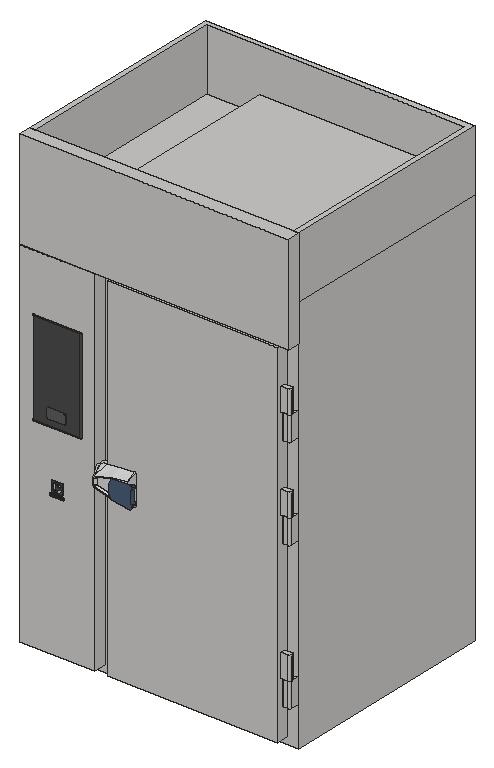
Revit family "QF_ELECTROLUXPROFESSIONAL_727750_EBFA22E", category Specialty Equipment, Revit 2018
Family settings
  Round Connector Dimension = Use Diameter
  Part Type = Normal
  Work Plane-Based = No
  Always vertical = Yes
  Cut with Voids When Loaded = No
  Shared = Yes
  Room Calculation Point = No
Parameters
  Weight = 0.00 kg
  Watts = 0 W
  Volts = 380 V
  URL Manufacturer = "http://professional.electrolux.com"
  URL = "http://professional.electrolux.com"
  Steam Supply Size = 0"
  Steam Supply Minimum Pressure = 0.00 psi
  Steam Supply Maximum Pressure = 0.00 psi
  Steam Pounds per Hour = 0
  Show Logo [instance] = yes
  Refrigeration Suction Line Size = 0"
  Refrigeration Liquid Line Size = 0"
  Refrigerant Compressor Remote = yes
  Phase = 3
  Model = "EBFA22E"
  Manufacturer = "Electrolux"
  Length Actual = 1400 mm  # constant formula
  Item Number = "727750"
  Hot Water Size = 1"
  Height Actual = 2470 mm  # constant formula
  HP = "14.9 HP"
  Gas Size = 0"
  Gas KW = 0
  Gas Input Pressure = 0.0 Btu/h
  Direct Waste Size = 3/4"
  Description = "SKYLINE CHILLS BLAST CHILLER FREEZER 200/170KG 20 GN 2/1 - ROLL-IN"
  Depth Actual = 1266 mm  # constant formula
  Cycle = 50 Hz
  Condensate Return Size = 0"
  Compressed Air Volume = 0 GPM
  Compressed Air Size = 0"
  Compressed Air Pressure = 0.00 psi
  Cold Water Size = 1"
  Assembly Code = ""
  Show Clearance [instance] = yes
  Accessory = yes
Reference planes
  plane 1 "BACK": y = 1
  plane 2: z = 0
  plane 3 "LEFT": x = 0
  plane 4 "RIGHT": x = 1400
  plane 5 "FRONT": y = -1205
  plane 6 "TOP": z = 2400
  plane 7 "Center Y": x = 700
  plane 8: y = -2155
  plane 9: y = -602
Forms (mm)
  Extrusion 1, solid, material "QF_Clearance", visible <- "Show Clearance", detail levels coarse
    sketch origin (0, 0, -70) x (1, 0, 0) y (0, 1, 0)
      loop
        line (0, -1205) -> (0, 1) -> (1400, 1) -> (1400, -1205) -> (1500, -1205) -> (1500, 101) -> (-100, 101) -> (-100, -1205) -> (0, -1205)
    from 70 to 2670
  Extrusion 2, solid, material "QF_Finishes_Stainless Steel"
    sketch origin (349.253, 33, 630.991) x (-1, 0, 0) y (0, -1, 0)
      loop
        line (349.253, 1172.759) -> (349.253, 1238) -> (-39.747, 1238) -> (-39.747, 1172.759) -> (349.253, 1172.759)
    from -597 to 1254
  Extrusion 3, solid, material "QF_Finishes_Stainless Steel"
    sketch origin (596.16, 27.971, -70) x (1, 0, 0) y (0, 1, 0)
      loop
        line (743.84, -1172.971) -> (-141.16, -1172.971) -> (-141.16, -1232.971) -> (743.84, -1232.971) -> (743.84, -1172.971)
    from 103.991 to 1945.25
  Extrusion 4, solid, material "QF_Door-Drawer Clearances", visible <- "Show Clearance", detail levels coarse
    sketch origin (875, -72.029, -91.802) x (-1, 0, 0) y (0, -1, 0)
      loop
        line (-465, 2025.971) -> (-465, 1132.971) -> (420, 1132.971)
        arc (420, 1132.971) -> (153.836, 1754.227) -> (-465, 2025.971) r 920
    from 125.793 to 1967.052
  Extrusion 5, solid, material "QF_Finishes_Stainless Steel"
    sketch origin (0, -1139.759, 0) x (0, 1, 0) y (-1, 0, 0)
      loop
        line (1140.759, 0) -> (0.759, 0) -> (0.759, -1400) -> (1140.759, -1400) -> (1140.759, 0)
    from 0 to 2080
  Extrusion 6, solid, material "QF_Finishes_Stainless Steel"
    sketch origin (0, 0, -70) x (0, 1, 0) y (0, 0, 1)
      loop
        line (-1139, 2470) -> (-1205, 2470) -> (-1205, 1956) -> (-1139, 1956) -> (-1139, 2470)
    from 0 to 1400
  Extrusion 7, solid, material "QF_Finishes_Stainless Steel"
    sketch origin (0, -1139.759, 2080) x (0, 1, 0) y (-1, 0, 0)
      loop
        line (1140.759, 0) -> (0.759, 0) -> (0.759, -27.807) -> (1112.952, -27.807) -> (1112.952, -1372.193) -> (0.759, -1372.193) -> (0.759, -1400) -> (1140.759, -1400) -> (1140.759, 0)
    from 0 to 320
  Extrusion 8, solid, material "QF_Clearance", visible <- "Show Clearance", detail levels coarse
    sketch origin (0, 0, 2400) x (-1, 0, 0) y (0, -1, 0)
      loop
        line (0, 1205) -> (-1400, 1205) -> (-1400, -1) -> (0, -1) -> (0, 1205)
    from 0 to 200
  Extrusion 9, solid, material "QF_Finishes_Stainless Steel"
    sketch origin (-390.239, -0.977, 1172.559) x (1, 0, 0) y (0, 1, 0)
      loop
        line (1730.239, -1159.557) -> (1730.239, -1186.759) -> (1771.078, -1186.759)
        arc (1771.078, -1186.759) -> (1778.149, -1183.83) -> (1781.078, -1176.759) r 10
        line (1781.078, -1176.759) -> (1781.078, -1169.557)
        arc (1781.078, -1169.557) -> (1778.149, -1162.486) -> (1771.078, -1159.557) r 10
        line (1771.078, -1159.557) -> (1730.239, -1159.557)
    from 398 to 516
  Extrusion 10, solid, material "QF_Finishes_Stainless Steel"
    sketch origin (-388.989, -0.977, 1172.559) x (1, 0, 0) y (0, 1, 0)
      loop
        line (1779.828, -1138.023) -> (1738.215, -1138.023) -> (1738.215, -1176.759)
        arc (1738.215, -1176.759) -> (1741.143, -1183.83) -> (1748.215, -1186.759) r 10
        line (1748.215, -1186.759) -> (1769.828, -1186.759)
        arc (1769.828, -1186.759) -> (1776.899, -1183.83) -> (1779.828, -1176.759) r 10
        line (1779.828, -1176.759) -> (1779.828, -1138.023)
    from 269 to 396
  Extrusion 11, solid, material "QF_Finishes_Handrails and Railings"
    sketch origin (0, -1205, -139.705) x (-1, 0, 0) y (0, 0, 1)
      loop
        arc (-455, 1022.346) -> (-433.392, 1027.289) -> (-413, 1035.976) r 124.815
        arc (-413, 1035.976) -> (-402.037, 1046.425) -> (-398, 1061.023) r 28.412
        line (-398, 1061.023) -> (-398, 1124.287)
        arc (-398, 1124.287) -> (-402.037, 1138.885) -> (-413, 1149.334) r 28.412
        arc (-413, 1149.334) -> (-433.392, 1158.021) -> (-455, 1162.964) r 124.815
        line (-455, 1162.964) -> (-455, 1022.346)
    from 0 to 25
  Extrusion 12, solid, material "QF_Finishes_Stainless Steel"
    sketch origin (0, 1, -70) x (1, 0, 0) y (0, 0, 1)
      loop
        circle (50.191, 2279.706) r 10
    from -2 to 0
  Extrusion 13, solid
    sketch origin (0, 0, -70) x (1, 0, 0) y (0, 1, 0)
      loop
        circle (271, -895) r 12.7
    from 180 to 190
  Blend 14, solid, material "QF_Finishes_Handrails and Railings"
    base sketch origin (0, -1205, -139.705) x (1, 0, 0) y (0, 0, 1)
      loop
        arc (455, 1162.964) -> (433.392, 1158.021) -> (413, 1149.334) r 124.815
        arc (413, 1149.334) -> (402.037, 1138.885) -> (398, 1124.287) r 28.412
        line (398, 1124.287) -> (398, 1061.023)
        arc (398, 1061.023) -> (402.037, 1046.425) -> (413, 1035.976) r 28.412
        arc (413, 1035.976) -> (433.392, 1027.289) -> (455, 1022.346) r 124.815
        arc (455, 1022.346) -> (524.77, 1014.896) -> (594.859, 1011.587) r 1185.63
        arc (594.859, 1011.587) -> (600.607, 1013.879) -> (603, 1019.586) r 8
        line (603, 1019.586) -> (603, 1165.724)
        arc (603, 1165.724) -> (600.607, 1171.431) -> (594.859, 1173.723) r 8
        arc (594.859, 1173.723) -> (524.77, 1170.414) -> (455, 1162.964) r 1185.63
    top sketch origin (0, -1205, -139.705) x (1, 0, 0) y (0, 0, 1)
      loop
        line (421, 1108.337) -> (421, 1076.973)
        arc (421, 1076.973) -> (423.295, 1069.915) -> (429.302, 1065.557) r 12
        arc (429.302, 1065.557) -> (515.086, 1044.22) -> (603, 1034.974) r 636.459
        line (603, 1034.974) -> (603, 1150.336)
        arc (603, 1150.336) -> (515.086, 1141.09) -> (429.302, 1119.753) r 636.459
        arc (429.302, 1119.753) -> (423.295, 1115.395) -> (421, 1108.337) r 12
    from 0 to 50
  Blend 15, void
    base sketch origin (0, -1255, -139.705) x (-1, 0, 0) y (0, 0, 1)
      loop
        arc (-430.843, 1114.996) -> (-515.866, 1136.151) -> (-603, 1145.333) r 631.459
        line (-603, 1145.333) -> (-603, 1039.977)
        arc (-603, 1039.977) -> (-515.866, 1049.159) -> (-430.843, 1070.314) r 631.459
        arc (-430.843, 1070.314) -> (-427.339, 1072.856) -> (-426, 1076.973) r 7
        line (-426, 1076.973) -> (-426, 1108.337)
        arc (-426, 1108.337) -> (-427.339, 1112.454) -> (-430.843, 1114.996) r 7
    top sketch origin (0, -1255, -139.705) x (-1, 0, 0) y (0, 0, 1)
      loop
        arc (-432.384, 1110.24) -> (-516.647, 1131.211) -> (-603, 1140.33) r 626.459
        line (-603, 1140.33) -> (-603, 1044.98)
        arc (-603, 1044.98) -> (-516.647, 1054.099) -> (-432.384, 1075.07) r 626.459
        arc (-432.384, 1075.07) -> (-431.382, 1075.797) -> (-431, 1076.973) r 2
        line (-431, 1076.973) -> (-431, 1108.337)
        arc (-431, 1108.337) -> (-431.382, 1109.513) -> (-432.384, 1110.24) r 2
    from 0 to 10
  Blend 16, solid, material "QF_Finishes_Electrolux_Blue"
    base sketch origin (0, -1245, -139.705) x (1, 0, 0) y (0, 0, 1)
      loop
        arc (628.567, 1043.419) -> (622.014, 1092.655) -> (628.567, 1141.89) r 188.232
        arc (628.567, 1141.89) -> (627.358, 1147.991) -> (621.77, 1150.721) r 7
        arc (621.77, 1150.721) -> (572.304, 1148.509) -> (523.16, 1142.458) r 636.459
        arc (523.16, 1142.458) -> (507.711, 1092.655) -> (523.16, 1042.852) r 88
        arc (523.16, 1042.852) -> (572.304, 1036.801) -> (621.77, 1034.589) r 636.459
        arc (621.77, 1034.589) -> (627.358, 1037.319) -> (628.567, 1043.419) r 7
    top sketch origin (0, -1245, -139.705) x (1, 0, 0) y (0, 0, 1)
      loop
        arc (626.748, 1050.703) -> (622.014, 1092.655) -> (626.748, 1134.607) r 188.232
        arc (626.748, 1134.607) -> (625.775, 1138.85) -> (621.845, 1140.722) r 5
        arc (621.845, 1140.722) -> (569.023, 1138.185) -> (516.603, 1131.203) r 626.459
        arc (516.603, 1131.203) -> (507.711, 1092.655) -> (516.603, 1054.107) r 88
        arc (516.603, 1054.107) -> (569.023, 1047.124) -> (621.845, 1044.588) r 626.459
        arc (621.845, 1044.588) -> (625.775, 1046.46) -> (626.748, 1050.703) r 5
    from 20 to 0
  Extrusion 17, solid, material "QF_Finishes_Stainless Steel"
    sketch origin (-390.239, -0.977, 692.559) x (1, 0, 0) y (0, 1, 0)
      loop
        line (1730.239, -1159.557) -> (1730.239, -1186.759) -> (1771.078, -1186.759)
        arc (1771.078, -1186.759) -> (1778.149, -1183.83) -> (1781.078, -1176.759) r 10
        line (1781.078, -1176.759) -> (1781.078, -1169.557)
        arc (1781.078, -1169.557) -> (1778.149, -1162.486) -> (1771.078, -1159.557) r 10
        line (1771.078, -1159.557) -> (1730.239, -1159.557)
    from 398 to 516
  Extrusion 18, solid, material "QF_Finishes_Stainless Steel"
    sketch origin (-388.989, -0.977, 692.559) x (1, 0, 0) y (0, 1, 0)
      loop
        line (1779.828, -1138.023) -> (1738.215, -1138.023) -> (1738.215, -1176.759)
        arc (1738.215, -1176.759) -> (1741.143, -1183.83) -> (1748.215, -1186.759) r 10
        line (1748.215, -1186.759) -> (1769.828, -1186.759)
        arc (1769.828, -1186.759) -> (1776.899, -1183.83) -> (1779.828, -1176.759) r 10
        line (1779.828, -1176.759) -> (1779.828, -1138.023)
    from 269 to 396
  Extrusion 19, solid, material "QF_Finishes_Stainless Steel"
    sketch origin (-390.239, -0.977, -67.441) x (1, 0, 0) y (0, 1, 0)
      loop
        line (1730.239, -1159.557) -> (1730.239, -1186.759) -> (1771.078, -1186.759)
        arc (1771.078, -1186.759) -> (1778.149, -1183.83) -> (1781.078, -1176.759) r 10
        line (1781.078, -1176.759) -> (1781.078, -1169.557)
        arc (1781.078, -1169.557) -> (1778.149, -1162.486) -> (1771.078, -1159.557) r 10
        line (1771.078, -1159.557) -> (1730.239, -1159.557)
    from 398 to 516
  Extrusion 20, solid, material "QF_Finishes_Stainless Steel"
    sketch origin (-388.989, -0.977, -67.441) x (1, 0, 0) y (0, 1, 0)
      loop
        line (1779.828, -1138.023) -> (1738.215, -1138.023) -> (1738.215, -1176.759)
        arc (1738.215, -1176.759) -> (1741.143, -1183.83) -> (1748.215, -1186.759) r 10
        line (1748.215, -1186.759) -> (1769.828, -1186.759)
        arc (1769.828, -1186.759) -> (1776.899, -1183.83) -> (1779.828, -1176.759) r 10
        line (1779.828, -1176.759) -> (1779.828, -1138.023)
    from 269 to 396
  Extrusion 21, solid, material "QF_Door-Drawer Clearances", visible <- "Show Clearance", detail levels coarse
    sketch origin (167.029, -1956.84, -70) x (0, 1, 0) y (-1, 0, 0)
      loop
        line (751.84, -1172.971) -> (-141.16, -1172.971) -> (-141.16, -1232.971) -> (751.84, -1232.971) -> (751.84, -1172.971)
    from 103.991 to 1945.25
  Extrusion 22, solid, material "QF_Door-Drawer Clearances", visible <- "Show Clearance", detail levels coarse
    sketch origin (1400, -2553, -139.705) x (0, -1, 0) y (0, 0, 1)
      loop
        arc (-455, 1022.346) -> (-433.392, 1027.289) -> (-413, 1035.976) r 124.815
        arc (-413, 1035.976) -> (-402.037, 1046.425) -> (-398, 1061.023) r 28.412
        line (-398, 1061.023) -> (-398, 1124.287)
        arc (-398, 1124.287) -> (-402.037, 1138.885) -> (-413, 1149.334) r 28.412
        arc (-413, 1149.334) -> (-433.392, 1158.021) -> (-455, 1162.964) r 124.815
        line (-455, 1162.964) -> (-455, 1022.346)
    from 0 to 25
  Blend 23, solid, material "QF_Door-Drawer Clearances", visible <- "Show Clearance", detail levels coarse
    base sketch origin (1400, -2553, -139.705) x (0, 1, 0) y (0, 0, 1)
      loop
        arc (455, 1162.964) -> (433.392, 1158.021) -> (413, 1149.334) r 124.815
        arc (413, 1149.334) -> (402.037, 1138.885) -> (398, 1124.287) r 28.412
        line (398, 1124.287) -> (398, 1061.023)
        arc (398, 1061.023) -> (402.037, 1046.425) -> (413, 1035.976) r 28.412
        arc (413, 1035.976) -> (433.392, 1027.289) -> (455, 1022.346) r 124.815
        arc (455, 1022.346) -> (524.77, 1014.896) -> (594.859, 1011.587) r 1185.63
        arc (594.859, 1011.587) -> (600.607, 1013.879) -> (603, 1019.586) r 8
        line (603, 1019.586) -> (603, 1165.724)
        arc (603, 1165.724) -> (600.607, 1171.431) -> (594.859, 1173.723) r 8
        arc (594.859, 1173.723) -> (524.77, 1170.414) -> (455, 1162.964) r 1185.63
    top sketch origin (1400, -2553, -139.705) x (0, 1, 0) y (0, 0, 1)
      loop
        line (421, 1108.337) -> (421, 1076.973)
        arc (421, 1076.973) -> (423.295, 1069.915) -> (429.302, 1065.557) r 12
        arc (429.302, 1065.557) -> (515.086, 1044.22) -> (603, 1034.974) r 636.459
        line (603, 1034.974) -> (603, 1150.336)
        arc (603, 1150.336) -> (515.086, 1141.09) -> (429.302, 1119.753) r 636.459
        arc (429.302, 1119.753) -> (423.295, 1115.395) -> (421, 1108.337) r 12
    from 0 to 50
  Blend 24, void
    base sketch origin (1450, -2553, -139.705) x (0, -1, 0) y (0, 0, 1)
      loop
        arc (-430.843, 1114.996) -> (-515.866, 1136.151) -> (-603, 1145.333) r 631.459
        line (-603, 1145.333) -> (-603, 1039.977)
        arc (-603, 1039.977) -> (-515.866, 1049.159) -> (-430.843, 1070.314) r 631.459
        arc (-430.843, 1070.314) -> (-427.339, 1072.856) -> (-426, 1076.973) r 7
        line (-426, 1076.973) -> (-426, 1108.337)
        arc (-426, 1108.337) -> (-427.339, 1112.454) -> (-430.843, 1114.996) r 7
    top sketch origin (1450, -2553, -139.705) x (0, -1, 0) y (0, 0, 1)
      loop
        arc (-432.384, 1110.24) -> (-516.647, 1131.211) -> (-603, 1140.33) r 626.459
        line (-603, 1140.33) -> (-603, 1044.98)
        arc (-603, 1044.98) -> (-516.647, 1054.099) -> (-432.384, 1075.07) r 626.459
        arc (-432.384, 1075.07) -> (-431.382, 1075.797) -> (-431, 1076.973) r 2
        line (-431, 1076.973) -> (-431, 1108.337)
        arc (-431, 1108.337) -> (-431.382, 1109.513) -> (-432.384, 1110.24) r 2
    from 0 to 10
  Blend 25, solid, material "QF_Door-Drawer Clearances", visible <- "Show Clearance", detail levels coarse
    base sketch origin (1440, -2553, -139.705) x (0, 1, 0) y (0, 0, 1)
      loop
        arc (628.567, 1043.419) -> (622.014, 1092.655) -> (628.567, 1141.89) r 188.232
        arc (628.567, 1141.89) -> (627.358, 1147.991) -> (621.77, 1150.721) r 7
        arc (621.77, 1150.721) -> (572.304, 1148.509) -> (523.16, 1142.458) r 636.459
        arc (523.16, 1142.458) -> (507.711, 1092.655) -> (523.16, 1042.852) r 88
        arc (523.16, 1042.852) -> (572.304, 1036.801) -> (621.77, 1034.589) r 636.459
        arc (621.77, 1034.589) -> (627.358, 1037.319) -> (628.567, 1043.419) r 7
    top sketch origin (1440, -2553, -139.705) x (0, 1, 0) y (0, 0, 1)
      loop
        arc (626.748, 1050.703) -> (622.014, 1092.655) -> (626.748, 1134.607) r 188.232
        arc (626.748, 1134.607) -> (625.775, 1138.85) -> (621.845, 1140.722) r 5
        arc (621.845, 1140.722) -> (569.023, 1138.185) -> (516.603, 1131.203) r 626.459
        arc (516.603, 1131.203) -> (507.711, 1092.655) -> (516.603, 1054.107) r 88
        arc (516.603, 1054.107) -> (569.023, 1047.124) -> (621.845, 1044.588) r 626.459
        arc (621.845, 1044.588) -> (625.775, 1046.46) -> (626.748, 1050.703) r 5
    from 20 to -1
  Extrusion 26, solid, material "QF_Finishes_Stainless Steel"
    sketch origin (0, -1139.759, 2080) x (0, 1, 0) y (-1, 0, 0)
      loop
        line (1028.497, -361.186) -> (882.552, -361.186) -> (882.552, -544.235) -> (1028.497, -544.235) -> (1028.497, -361.186)
    from 0 to 50
  Extrusion 27, solid, material "QF_Finishes_Stainless Steel"
    sketch origin (0, -1139.759, 2080) x (0, 1, 0) y (-1, 0, 0)
      loop
        line (1099.749, -314.157) -> (154.819, -314.157) -> (154.819, -1281.35) -> (1099.749, -1281.35) -> (1099.749, -314.157)
    from 0 to 100
  Extrusion 28, solid, material "QF_Finishes_Stainless Steel"
    sketch origin (544.235, -111.262, 2080) x (0, -1, 0) y (0, 0, -1)
      loop
        circle (122.974, -25) r 12.5
      loop
        circle (23.998, -25) r 12.5
    from 0 to 30
Cuts and joins
  Blend 15 cuts Blend 14
  joined: Extrusion 11, Blend 14
  Blend 15 cuts Extrusion 4
  Blend 24 cuts Blend 23
  Blend 24 cuts Blend 25
  joined: Extrusion 4, Extrusion 21, Extrusion 22, Blend 23, Blend 25
  joined: Extrusion 7, Extrusion 12
  joined: Extrusion 5, Extrusion 10, Extrusion 18, Extrusion 20, Extrusion 27
  joined: Extrusion 3, Extrusion 9, Extrusion 17, Extrusion 19
  joined: Extrusion 1, Extrusion 8
  joined: Extrusion 26, Extrusion 28
Lines and regions (mm)
  symbolic lines, style "QF-Clearances", visible <- "Show Clearance", detail levels coarse
    curve 1: line (-100, -1204.241, 70) -> (-100, 101, 70)
    curve 2: line (-100, 101, 70) -> (1500, 101, 70)
    curve 3: line (1500, 101, 70) -> (1500, -1204.241, 70)
  symbolic lines
    curve 4: line (0, 1, 70) -> (1400, 1, 70)
    curve 5: line (0, -1205, 70) -> (0, 1, 70)
    curve 6: line (1400, -1205, 70) -> (0, -1205, 70)
    curve 7: line (1400, 1, 70) -> (1400, -1205, 70)
    curve 8: line (27.807, -26.807, 70) -> (1372.193, -26.807, 70)
    curve 9: line (27.807, -1139, 70) -> (27.807, -26.807, 70)
    curve 10: line (1400, -1139, 70) -> (0, -1139, 70)
    curve 11: line (1372.193, -26.807, 70) -> (1372.193, -1139, 70)
    curve 12: line (75.5, -1210, 70) -> (313.5, -1210, 70)
    curve 13: line (75.5, -1210, 70) -> (67.5, -1205, 70)
    curve 14: line (313.5, -1210, 70) -> (321.5, -1205, 70)
    curve 15: line (421, -1255, 70) -> (398, -1205, 70)
    curve 16: line (421, -1255, 70) -> (603, -1255, 70)
    curve 17: line (603, -1255, 70) -> (603, -1205, 70)
    curve 18: line (603, -1245, 70) -> (626.748, -1245, 70)
    curve 19: line (626.748, -1245, 70) -> (628.811, -1265, 70)
    curve 20: line (628.811, -1265, 70) -> (507.711, -1265, 70)
    curve 21: line (507.711, -1265, 70) -> (507.711, -1255, 70)
    curve 35: line (314.157, -40.01, 70) -> (1281.35, -40.01, 70)
    curve 36: line (314.157, -984.941, 70) -> (314.157, -40.01, 70)
    curve 37: line (1281.35, -984.941, 70) -> (314.157, -984.941, 70)
    curve 38: line (1281.35, -40.01, 70) -> (1281.35, -984.941, 70)
  symbolic lines, style "QF_Door-Drawer Clearances", visible <- "Show Clearance"
    curve 22: line (1450, -2132, 70) -> (1400, -2155, 70)
    curve 23: line (1450, -2132, 70) -> (1450, -1950, 70)
    curve 24: line (1450, -1950, 70) -> (1400, -1950, 70)
    curve 25: line (1439, -1950, 70) -> (1439, -1926.126, 70)
    curve 26: line (1439, -1926.126, 70) -> (1460, -1924.189, 70)
    curve 27: line (1460, -1924.189, 70) -> (1460, -2045.289, 70)
    curve 28: line (1460, -2045.289, 70) -> (1450, -2045.289, 70)
    curve 29: line (1375, -2098, 70) -> (1375, -2155, 70)
    curve 30: line (1340, -2098, 70) -> (1400, -2098, 70)
    curve 31: arc (457.796, -1255, 70) -> (739.031, -1843.801, 70) -> (1340, -2098, 70) r 920
    curve 32: line (1400, -2155, 70) -> (1375, -2155, 70)
    curve 33: line (1400, -2098, 70) -> (1400, -1205, 70)
    curve 34: line (1340, -2098, 70) -> (1340, -1205, 70)
  symbolic lines, style "SpecialityEquipmentHiddenLines"
    curve 39: line (361.186, -111.262, 70) -> (544.235, -111.262, 70)
    curve 40: line (361.186, -257.207, 70) -> (361.186, -111.262, 70)
    curve 41: line (544.235, -257.207, 70) -> (361.186, -257.207, 70)
    curve 42: line (544.235, -111.262, 70) -> (544.235, -257.207, 70)
    curve 43: line (574.235, -147.761, 70) -> (574.235, -122.761, 70)
    curve 44: line (574.235, -122.761, 70) -> (544.235, -122.761, 70)
    curve 45: line (574.235, -147.761, 70) -> (544.235, -147.761, 70)
    curve 46: line (574.235, -246.737, 70) -> (544.235, -246.737, 70)
    curve 47: line (574.235, -221.737, 70) -> (544.235, -221.737, 70)
    curve 48: line (574.235, -221.737, 70) -> (574.235, -246.737, 70)
Dimensions and locks
  plane 5 "FRONT" to plane 1 "BACK" = 1206 mm
  plane 6 "TOP" to level = 2400 mm
  plane 4 "RIGHT" to plane 3 "LEFT" = 1400 mm
  plane 3 "LEFT" to plane 4 "RIGHT" = 1400 mm
  equal spacing: plane 3 "LEFT", plane 7 "Center Y", plane 4 "RIGHT"
  equal spacing: plane 1 "BACK", plane 9, plane 5 "FRONT"
  aligned and locked: level to plane 2
Automatic sketch dimensions
  plane 5 "FRONT" to Extrusion 1 sketch curve = 0 mm  (x2)
  Extrusion 1 sketch curve to plane 3 "LEFT" = 0 mm
  plane 1 "BACK" to Extrusion 1 sketch curve = 0 mm
  Extrusion 1 sketch curve to plane 4 "RIGHT" = 0 mm
  Extrusion 1 sketch curve to plane 3 "LEFT" = 100 mm
  plane 4 "RIGHT" to Extrusion 1 sketch curve = 100 mm
  Extrusion 1 sketch curve to plane 1 "BACK" = 100 mm
  plane 5 "FRONT" to Extrusion 2 sketch curve = 0 mm
  Extrusion 2 sketch curve to plane 3 "LEFT" = 0 mm
  Extrusion 2 sketch curve to plane 5 "FRONT" = 65.241 mm
  plane 5 "FRONT" to Extrusion 3 sketch curve = 0 mm
  Extrusion 3 sketch curve to plane 5 "FRONT" = 60 mm
  Extrusion 3 sketch curve to plane 4 "RIGHT" = 60 mm
  plane 5 "FRONT" to Extrusion 4 sketch curve = 0 mm
  Extrusion 4 sketch curve to plane 4 "RIGHT" = 25.377 mm
  Extrusion 4 sketch curve to Extrusion 4 sketch curve = 34.623 mm
  Extrusion 4 sketch curve to plane 5 "FRONT" = 26.348 mm
  Extrusion 5 sketch curve to plane 3 "LEFT" = 0 mm
  Extrusion 5 sketch curve to plane 4 "RIGHT" = 0 mm
  plane 1 "BACK" to Extrusion 5 sketch curve = 0 mm
  Extrusion 5 sketch curve to plane 5 "FRONT" = 66 mm
  Extrusion 6 sketch curve to plane 5 "FRONT" = 0 mm
  Extrusion 6 sketch curve to plane 5 "FRONT" = 66 mm
  Extrusion 6 sketch curve to plane 6 "TOP" = 514 mm
  plane 6 "TOP" to Extrusion 6 sketch curve = 0 mm
  Extrusion 5 to Extrusion 7 sketch curve = 0 mm
  Extrusion 7 sketch curve to Extrusion 5 = 0 mm  (x4)
  Extrusion 7 sketch curve to Extrusion 5 = 27.807 mm  (x3)
  Extrusion 8 sketch curve to plane 4 "RIGHT" = 0 mm
  plane 1 "BACK" to Extrusion 8 sketch curve = 0 mm
  Extrusion 8 sketch curve to plane 3 "LEFT" = 0 mm
  plane 5 "FRONT" to Extrusion 8 sketch curve = 0 mm
  Extrusion 9 sketch curve to plane 5 "FRONT" = 17.264 mm
  Extrusion 9 sketch curve to plane 4 "RIGHT" = 60 mm
  Extrusion 9 sketch curve to plane 4 "RIGHT" = 19.161 mm
  Extrusion 9 sketch curve to Extrusion 9 sketch curve = 0 mm
  Extrusion 9 sketch curve to plane 4 "RIGHT" = 9.161 mm
  Extrusion 9 sketch curve to Extrusion 9 sketch curve = 7.202 mm
  Extrusion 10 sketch curve to plane 5 "FRONT" = 27.264 mm
  Extrusion 10 sketch curve to plane 4 "RIGHT" = 50.775 mm
  Extrusion 10 sketch curve to Extrusion 10 sketch curve = 10 mm
  Extrusion 10 sketch curve to plane 4 "RIGHT" = 19.161 mm
  Extrusion 10 sketch curve to plane 4 "RIGHT" = 9.161 mm
  Extrusion 10 sketch curve to Extrusion 10 sketch curve = 38.736 mm
  plane 7 "Center Y" to Extrusion 11 sketch curve = 228.081 mm
  Extrusion 11 sketch curve to Extrusion 11 sketch curve = 0 mm
  Extrusion 11 sketch curve to Extrusion 11 sketch curve = 16.919 mm
  Extrusion 11 sketch curve to Extrusion 11 sketch curve = 28.588 mm  (x2)
  Extrusion 11 sketch curve to Extrusion 11 sketch curve = 28.412 mm
  level to Extrusion 11 sketch curve = 882.641 mm
  Extrusion 11 sketch curve to Extrusion 11 sketch curve = 16.954 mm  (x2)
  Extrusion 11 sketch curve to Extrusion 11 sketch curve = 38.676 mm
  Extrusion 11 sketch curve to Extrusion 11 sketch curve = 63.265 mm
  Extrusion 11 sketch curve to Extrusion 11 sketch curve = 21.722 mm
  plane 3 "LEFT" to Extrusion 12 sketch curve = 50.191 mm
  Extrusion 12 sketch curve to plane 6 "TOP" = 190.294 mm
  Extrusion 13 sketch curve to plane 9 = 293 mm
  Blend 14 sketch curve to Extrusion 11 = 0 mm  (x4)
  Blend 14 sketch curve to Extrusion 11 = 28.412 mm
  Blend 14 sketch curve to Blend 14 sketch curve = 123.081 mm  (x2)
  Blend 14 sketch curve to Blend 14 sketch curve = 8 mm
  Extrusion 11 to Blend 14 sketch curve = 160.712 mm  (x2)
  Blend 14 sketch curve to Blend 14 sketch curve = 19.715 mm  (x2)
  Blend 14 sketch curve to Blend 14 sketch curve = 38.676 mm
  Blend 14 sketch curve to Extrusion 11 = 23 mm
  Blend 14 sketch curve to Blend 14 sketch curve = 12 mm  (x2)
  Extrusion 11 to Blend 14 sketch curve = 148 mm
  Extrusion 11 to Blend 14 sketch curve = 170.45 mm  (x2)
  Blend 14 sketch curve to Blend 14 sketch curve = 520.701 mm  (x2)
  Blend 14 sketch curve to Blend 14 sketch curve = 41.999 mm
  Blend 14 sketch curve to Blend 14 sketch curve = 31.364 mm
  Blend 14 sketch curve to Blend 14 sketch curve = 115.362 mm
  Blend 14 to Blend 15 sketch curve = 0 mm  (x2)
  Blend 15 sketch curve to Blend 15 sketch curve = 7 mm
  Blend 15 sketch curve to Blend 15 sketch curve = 31.364 mm  (x2)
  Blend 15 sketch curve to Blend 15 sketch curve = 2 mm
  Blend 15 to Blend 16 sketch curve = 18.811 mm  (x2)
  Blend 16 sketch curve to Blend 15 = 7.289 mm  (x2)
  Blend 16 sketch curve to Blend 16 sketch curve = 188.435 mm
  Blend 16 sketch curve to Blend 16 sketch curve = 7 mm  (x2)
  Blend 16 sketch curve to Blend 16 sketch curve = 51.066 mm  (x2)
  Blend 16 sketch curve to Blend 16 sketch curve = 0 mm  (x6)
  Blend 16 sketch curve to Blend 15 = 79.84 mm
  Blend 15 to Blend 16 sketch curve = 18.874 mm  (x2)
  Blend 16 sketch curve to Blend 16 sketch curve = 188.371 mm
  Blend 16 sketch curve to Blend 16 sketch curve = 5 mm  (x2)
  Blend 16 sketch curve to Blend 16 sketch curve = 43.067 mm  (x2)
  Blend 16 sketch curve to Blend 15 = 85.603 mm
  Extrusion 17 sketch curve to plane 5 "FRONT" = 17.264 mm
  Extrusion 17 sketch curve to plane 4 "RIGHT" = 60 mm
  Extrusion 17 sketch curve to plane 4 "RIGHT" = 19.161 mm
  Extrusion 17 sketch curve to Extrusion 17 sketch curve = 0 mm
  Extrusion 17 sketch curve to plane 4 "RIGHT" = 9.161 mm
  Extrusion 17 sketch curve to Extrusion 17 sketch curve = 7.202 mm
  Extrusion 18 sketch curve to plane 5 "FRONT" = 27.264 mm
  Extrusion 18 sketch curve to plane 4 "RIGHT" = 50.775 mm
  Extrusion 18 sketch curve to Extrusion 18 sketch curve = 10 mm
  Extrusion 18 sketch curve to plane 4 "RIGHT" = 19.161 mm
  Extrusion 18 sketch curve to plane 4 "RIGHT" = 9.161 mm
  Extrusion 18 sketch curve to Extrusion 18 sketch curve = 38.736 mm
  Extrusion 19 sketch curve to plane 5 "FRONT" = 17.264 mm
  Extrusion 19 sketch curve to plane 4 "RIGHT" = 60 mm
  Extrusion 19 sketch curve to plane 4 "RIGHT" = 19.161 mm
  Extrusion 19 sketch curve to Extrusion 19 sketch curve = 0 mm
  Extrusion 19 sketch curve to plane 4 "RIGHT" = 9.161 mm
  Extrusion 19 sketch curve to Extrusion 19 sketch curve = 7.202 mm
  Extrusion 20 sketch curve to plane 5 "FRONT" = 27.264 mm
  Extrusion 20 sketch curve to plane 4 "RIGHT" = 50.775 mm
  Extrusion 20 sketch curve to Extrusion 20 sketch curve = 10 mm
  Extrusion 20 sketch curve to plane 4 "RIGHT" = 19.161 mm
  Extrusion 20 sketch curve to plane 4 "RIGHT" = 9.161 mm
  Extrusion 20 sketch curve to Extrusion 20 sketch curve = 38.736 mm
  Extrusion 21 sketch curve to plane 4 "RIGHT" = 0 mm
  plane 5 "FRONT" to Extrusion 21 sketch curve = 0 mm
  Extrusion 21 sketch curve to plane 8 = 57 mm
  Extrusion 21 sketch curve to plane 4 "RIGHT" = 60 mm
  Extrusion 22 sketch curve to plane 8 = 0 mm
  Extrusion 22 sketch curve to Extrusion 22 sketch curve = 28.412 mm  (x2)
  Extrusion 22 sketch curve to Extrusion 22 sketch curve = 28.588 mm
  Extrusion 22 sketch curve to Extrusion 22 sketch curve = 16.919 mm  (x2)
  level to Extrusion 22 sketch curve = 882.641 mm
  Extrusion 22 sketch curve to Extrusion 22 sketch curve = 16.954 mm  (x2)
  Extrusion 22 sketch curve to Extrusion 22 sketch curve = 38.676 mm
  Extrusion 22 sketch curve to Extrusion 22 sketch curve = 63.265 mm
  Extrusion 22 sketch curve to Extrusion 22 sketch curve = 21.722 mm
  Blend 23 sketch curve to Extrusion 22 = 0 mm  (x4)
  Blend 23 sketch curve to Extrusion 22 = 28.412 mm
  Blend 23 sketch curve to Blend 23 sketch curve = 123.081 mm  (x2)
  Blend 23 sketch curve to Blend 23 sketch curve = 8 mm
  Extrusion 22 to Blend 23 sketch curve = 160.712 mm  (x2)
  Blend 23 sketch curve to Blend 23 sketch curve = 19.715 mm  (x2)
  Blend 23 sketch curve to Blend 23 sketch curve = 38.676 mm
  Blend 23 sketch curve to Extrusion 22 = 23 mm
  Blend 23 sketch curve to Blend 23 sketch curve = 12 mm  (x2)
  Extrusion 22 to Blend 23 sketch curve = 148 mm
  Extrusion 22 to Blend 23 sketch curve = 170.45 mm  (x2)
  Blend 23 sketch curve to Blend 23 sketch curve = 520.701 mm  (x2)
  Blend 23 sketch curve to Blend 23 sketch curve = 41.999 mm
  Blend 23 sketch curve to Blend 23 sketch curve = 31.364 mm
  Blend 23 sketch curve to Blend 23 sketch curve = 115.362 mm
  Blend 24 sketch curve to Blend 23 = 0 mm  (x2)
  Blend 24 sketch curve to Blend 24 sketch curve = 7 mm
  Blend 24 sketch curve to Blend 24 sketch curve = 31.364 mm  (x2)
  Blend 24 sketch curve to Blend 24 sketch curve = 2 mm
  Blend 24 to Blend 25 sketch curve = 18.811 mm  (x2)
  Blend 25 sketch curve to Blend 24 = 7.289 mm  (x2)
  Blend 25 sketch curve to Blend 25 sketch curve = 188.435 mm
  Blend 25 sketch curve to Blend 25 sketch curve = 7 mm  (x2)
  Blend 25 sketch curve to Blend 25 sketch curve = 51.066 mm  (x2)
  Blend 25 sketch curve to Blend 25 sketch curve = 0 mm  (x6)
  Blend 25 sketch curve to Blend 24 = 79.84 mm
  Blend 24 to Blend 25 sketch curve = 18.874 mm  (x2)
  Blend 25 sketch curve to Blend 25 sketch curve = 188.371 mm
  Blend 25 sketch curve to Blend 25 sketch curve = 5 mm  (x2)
  Blend 25 sketch curve to Blend 25 sketch curve = 43.067 mm  (x2)
  Blend 25 sketch curve to Blend 24 = 85.603 mm
  plane 7 "Center Y" to Extrusion 2 sketch curve = 311 mm
  plane 7 "Center Y" to Extrusion 3 sketch curve = 245 mm
  plane 7 "Center Y" to Extrusion 4 sketch curve = 245 mm
  plane 3 "LEFT" to Extrusion 13 sketch curve = 271 mm
  Extrusion 27 sketch curve to Extrusion 5 = 154.059 mm
  Extrusion 27 sketch curve to Extrusion 5 = 41.01 mm
  Extrusion 27 sketch curve to Extrusion 5 = 118.65 mm
  Extrusion 27 sketch curve to Extrusion 5 = 314.157 mm
  Extrusion 26 sketch curve to Extrusion 5 = 258.207 mm
  Extrusion 26 sketch curve to Extrusion 5 = 112.262 mm
  Extrusion 26 sketch curve to Extrusion 5 = 544.235 mm
  Extrusion 26 sketch curve to Extrusion 26 sketch curve = 183.049 mm
  Extrusion 28 sketch curve to Extrusion 26 = 23.998 mm
  Extrusion 28 sketch curve to Extrusion 26 = 22.971 mm
  Extrusion 26 to Extrusion 28 sketch curve = 25 mm  (x2)
  plane 8 to curve 29 = 0 mm
  curve 33 to plane 4 "RIGHT" = 0 mm
  plane 5 "FRONT" to curve 15 = 0 mm
  curve 10 to plane 3 "LEFT" = 0 mm
  plane 1 "BACK" to curve 7 = 0 mm
  curve 22 to plane 4 "RIGHT" = 0 mm
  curve 22 to plane 8 = 23 mm
  curve 22 to curve 33 = 57 mm
  curve 30 to curve 28 = 52.711 mm
  curve 28 to curve 24 = 95.289 mm
  plane 4 "RIGHT" to curve 26 = 39 mm
  curve 25 to curve 26 = 23.874 mm
  curve 25 to curve 27 = 1.937 mm
  plane 5 "FRONT" to curve 19 = 60 mm
  plane 5 "FRONT" to curve 15 = 50 mm
  curve 19 to curve 18 = 20 mm
  plane 5 "FRONT" to curve 12 = 5 mm
  curve 31 to plane 5 "FRONT" = 26.348 mm
  curve 31 to curve 37 = 193.711 mm
  plane 1 "BACK" to curve 41 = 258.207 mm
  curve 41 to curve 43 = 109.446 mm
  curve 43 to curve 43 = 25 mm
  plane 1 "BACK" to curve 39 = 112.262 mm
  plane 1 "BACK" to curve 36 = 41.01 mm
  plane 1 "BACK" to curve 8 = 27.807 mm
  curve 2 to plane 1 "BACK" = 100 mm
  curve 24 to curve 25 = 11 mm
  curve 26 to curve 25 = 21 mm
  plane 4 "RIGHT" to curve 2 = 100 mm
  curve 22 to curve 29 = 25 mm
  curve 31 to plane 4 "RIGHT" = 25.377 mm
  curve 8 to plane 4 "RIGHT" = 27.807 mm
  curve 29 to curve 30 = 35 mm
  curve 38 to plane 4 "RIGHT" = 118.65 mm
  plane 7 "Center Y" to curve 19 = 71.189 mm
  curve 19 to curve 18 = 2.062 mm
  curve 18 to curve 17 = 23.748 mm
  plane 7 "Center Y" to curve 43 = 125.765 mm
  curve 43 to curve 41 = 30 mm
  curve 21 to curve 31 = 49.915 mm
  curve 31 to curve 16 = 36.796 mm
  curve 41 to curve 40 = 183.049 mm
  curve 15 to curve 37 = 106.843 mm
  curve 15 to curve 14 = 107.5 mm
  plane 3 "LEFT" to curve 12 = 75.5 mm
  plane 3 "LEFT" to curve 8 = 27.807 mm
  curve 1 to plane 3 "LEFT" = 100 mm
  curve 3 to plane 5 "FRONT" = 0.759 mm
  curve 1 to plane 5 "FRONT" = 0.759 mm
  curve 9 to plane 5 "FRONT" = 66 mm
  curve 41 to curve 46 = 10.471 mm
  curve 46 to curve 48 = 25 mm
  curve 46 to curve 46 = 30 mm
  curve 15 to curve 15 = 23 mm
  curve 14 to curve 12 = 8 mm
  curve 12 to curve 13 = 8 mm
  radius of Extrusion 12 sketch curve = 10 mm
  radius of Extrusion 13 sketch curve = 12.7 mm
  radius of Blend 14 sketch curve to Extrusion 11 = 0 mm  (x3)
  radius of Blend 15 sketch curve to Blend 14 = 5 mm  (x3)
  radius of Blend 15 sketch curve to Blend 14 = 10 mm  (x3)
  radius of Blend 15 to Blend 16 sketch curve = 10 mm  (x2)
  radius of Blend 16 sketch curve to Blend 15 = 0 mm  (x2)
  radius of Blend 23 sketch curve to Extrusion 22 = 0 mm  (x3)
  radius of Blend 24 sketch curve to Blend 23 = 5 mm  (x3)
  radius of Blend 24 sketch curve to Blend 23 = 10 mm  (x3)
  radius of Blend 24 to Blend 25 sketch curve = 10 mm  (x2)
  radius of Blend 25 sketch curve to Blend 24 = 0 mm  (x2)
  radius of Extrusion 28 sketch curve = 12.5 mm  (x2)
Nested families
  nested 1: "ELX_Touch" at (194.5, -1205, 1338.103) x (1, 0, 0) z (0, -1, 0), type "ELX_Touch"
  nested 2: "ELX_Logo_S_New" at (194.5, -1205, 779.103) x (1, 0, 0) z (0, -1, 0), visible <- "Show Logo", type "ELX_Logo_S_New"
    with M QF_Finishes_Black
  nested 3: "ELX_Logo_Symbol" at (194.5, -1205, 819.103) x (1, 0, 0) z (0, -1, 0), visible <- "Show Logo", type "ELX_Logo_Symbol"
    with M QF_Finishes_Black
Connectors
  piping at (271, -895, 110), diameter 25.4
    settings: on Extrusion 13, index 5, connector inside diameter 24", connector length 0 mm, flow factor 0, pipe flow 0 GPM, pressure drop 0.00 psi, fitting loss kfactor 0, connector angle 0.00°, fixture units 0, engagement length 0 mm, angle of deflection 0.00°, flow configuration 1, flow direction 2, fitting loss method 0, system type 16, joint type 0, gender type 0, connector reference index -1, connector utility 0, adjustable connector no, is connector primary yes, connector description "Drain"
  electrical at (50.191, 3, 2209.706), driven by "Volts"
    settings: on Extrusion 12, index 6, voltage 380 V, apparent load 0 VA, apparent load phase1 0 VA, apparent load phase2 0 VA, apparent load phase3 0 VA, power factor 1, load classification "Altro", number of poles 1, system type 30, power factor state 1, is connector primary yes, connector utility no, sub classification motor no, connector description "Electrical Connection"
  piping at (574.235, -234.237, 2105), diameter 25
    settings: on cut or joined group of Extrusion 26, Extrusion 28, index 7, connector inside diameter 24", connector length 0 mm, flow factor 0, pipe flow 0 GPM, pressure drop 0.00 psi, fitting loss kfactor 0, connector angle 0.00°, fixture units 0, engagement length 0 mm, angle of deflection 0.00°, flow configuration 1, flow direction 1, fitting loss method 0, system type 7, joint type 0, gender type 0, connector reference index -1, connector utility 0, adjustable connector no, is connector primary no, connector description "Water Inlet Cooling"
  piping at (574.235, -135.261, 2105), diameter 25
    settings: on cut or joined group of Extrusion 26, Extrusion 28, index 8, connector inside diameter 24", connector length 0 mm, flow factor 0, pipe flow 0 GPM, pressure drop 0.00 psi, fitting loss kfactor 0, connector angle 0.00°, fixture units 0, engagement length 0 mm, angle of deflection 0.00°, flow configuration 1, flow direction 1, fitting loss method 0, system type 8, joint type 0, gender type 0, connector reference index -1, connector utility 0, adjustable connector no, is connector primary no, connector description "Water Outlet Cooling"
Definition of nested family "ELX_Touch"
  Parameters
    Default Elevation = 1219.2 mm
  Reference planes
    plane 1 "Centro (Fronte/Retro)": y = 0
    plane 2: z = 0
    plane 3 "Centro (Sinistra/Destra)": x = 0
  Forms (mm)
    Extrusion 1, solid
      sketch origin (0, 0, 0) x (1, 0, 0) y (0, 1, 0)
        loop
          line (-1219.2, 1219.2) -> (-1219.2, -1219.2) -> (1219.2, -1219.2) -> (1219.2, 1219.2) -> (-1219.2, 1219.2)
      from 0 to -304.8
    Extrusion 2, solid
      sketch origin (0, 0, 5) x (1, 0, 0) y (0, 1, 0)
        loop
          line (-47, -160) -> (-47, -202)
          arc (-47, -202) -> (-45.536, -205.535) -> (-42, -207) r 5
          line (-42, -207) -> (42, -207)
          arc (42, -207) -> (45.536, -205.535) -> (47, -202) r 5
          line (47, -202) -> (47, -160)
          arc (47, -160) -> (45.536, -156.465) -> (42, -155) r 5
          line (42, -155) -> (-42, -155)
          arc (-42, -155) -> (-45.536, -156.465) -> (-47, -160) r 5
      from 0 to 2
    Blend 3, solid
      base sketch origin (0, 0, 0) x (1, 0, 0) y (0, 1, 0)
        loop
          line (-127, 244) -> (-127, -244)
          arc (-127, -244) -> (-125.536, -247.536) -> (-122, -249) r 5
          line (-122, -249) -> (122, -249)
          arc (122, -249) -> (125.536, -247.536) -> (127, -244) r 5
          line (127, -244) -> (127, 244)
          arc (127, 244) -> (125.536, 247.536) -> (122, 249) r 5
          line (122, 249) -> (-122, 249)
          arc (-122, 249) -> (-125.536, 247.536) -> (-127, 244) r 5
      top sketch origin (0, 0, 0) x (1, 0, 0) y (0, 1, 0)
        loop
          line (-119, -241) -> (119, -241) -> (119, 241) -> (-119, 241) -> (-119, -241)
      from 0 to 5
  Lines and regions (mm)
    Split face 1
      outline origin (0, 0, 5) x (1, 0, 0) y (0, 1, 0)
        loop
          line (-70.506, 46.167) -> (70.506, 46.167) -> (70.506, 214.829) -> (-70.506, 214.829) -> (-70.506, 46.167)
    Split face 2
      outline origin (0, 0, 5) x (1, 0, 0) y (0, 1, 0)
        loop
          line (-47.467, 50.825) -> (47.467, 50.825) -> (47.467, 210.171) -> (-47.467, 210.171) -> (-47.467, 50.825)
    Split face 3
      outline origin (0, 0, 5) x (1, 0, 0) y (0, 1, 0)
        loop
          line (-70.521, -215.33) -> (70.521, -215.33) -> (70.521, -146.67) -> (-70.521, -146.67) -> (-70.521, -215.33)
    Split face 4
      outline origin (0, 0, 5) x (1, 0, 0) y (0, 1, 0)
        loop
          line (-119, 201.163) -> (-70.506, 201.163)
        loop
          line (70.506, 201.163) -> (119, 201.163)
        loop
          line (70.521, -200.849) -> (119, -200.849)
        loop
          line (-119, -200.849) -> (-70.521, -200.849)
  Dimensions and locks
    aligned and locked: plane 2 to Extrusion 1
    aligned and locked: level to Extrusion 1
Definition of nested family "ELX_Logo_S_New"
  Parameters
    Default Elevation = 0 mm
    M [instance] = none
  Reference planes
    plane 1 "Centro (Fronte/Retro)": y = 0
    plane 2: z = 0
    plane 3 "Centro (Sinistra/Destra)": x = 0
  Forms (mm)
    Extrusion 1, solid
      sketch origin (0, 0, 0) x (1, 0, 0) y (0, 1, 0)
        loop
          line (-1219.2, 1219.2) -> (-1219.2, -1219.2) -> (1219.2, -1219.2) -> (1219.2, 1219.2) -> (-1219.2, 1219.2)
      from 0 to -304.8
    Extrusion 2, solid, material <- "M"
      sketch origin (0, 0, 0) x (1, 0, 0) y (0, 1, 0)
        loop
          spline (-32.537, -4.135) -> (-32.702, -4.128) -> (-32.877, -4.105) -> (-33.059, -4.064) -> (-33.242, -4.002) -> (-33.422, -3.916) -> (-33.593, -3.803) -> (-33.751, -3.66) -> (-33.891, -3.486) -> (-34.008, -3.276) -> (-34.098, -3.029) -> (-34.155, -2.741) -> (-34.176, -2.41)
          line (-34.176, -2.41) -> (-34.176, -0.943) -> (-29.331, -0.943) -> (-29.331, 0.928) -> (-34.176, 0.928) -> (-34.176, 3.652) -> (-29.023, 3.652) -> (-29.023, 5.518) -> (-36.159, 5.518) -> (-36.159, -2.326)
          spline (-36.159, -2.326) -> (-36.142, -2.808) -> (-36.088, -3.263) -> (-35.996, -3.688) -> (-35.867, -4.083) -> (-35.698, -4.445) -> (-35.489, -4.773) -> (-35.239, -5.066) -> (-34.946, -5.322) -> (-34.61, -5.539) -> (-34.23, -5.716) -> (-33.804, -5.851) -> (-33.332, -5.943)
          line (-33.332, -5.943) -> (-32.554, -5.999) -> (-28.885, -5.999) -> (-28.885, -4.135) -> (-32.537, -4.135)
        loop
          line (-27.476, 0.076) -> (-27.476, -6.002) -> (-25.492, -6.002) -> (-25.492, 5.521) -> (-27.476, 5.521) -> (-27.476, 0.076)
        loop
          spline (-15.702, -2.321) -> (-15.689, -1.697) -> (-15.749, -1.094) -> (-15.879, -0.516) -> (-16.078, 0.029) -> (-16.341, 0.538) -> (-16.668, 1.004) -> (-17.055, 1.422) -> (-17.5, 1.786) -> (-17.999, 2.091) -> (-18.552, 2.331) -> (-19.154, 2.5) -> (-19.804, 2.594)
          spline (-19.804, 2.594) -> (-20.422, 2.558) -> (-21.009, 2.453) -> (-21.56, 2.28) -> (-22.072, 2.042) -> (-22.54, 1.743) -> (-22.96, 1.385) -> (-23.327, 0.97) -> (-23.638, 0.502) -> (-23.887, -0.018) -> (-24.07, -0.586) -> (-24.183, -1.2) -> (-24.222, -1.857)
          spline (-24.222, -1.857) -> (-24.184, -2.498) -> (-24.074, -3.097) -> (-23.895, -3.652) -> (-23.651, -4.16) -> (-23.344, -4.618) -> (-22.979, -5.023) -> (-22.559, -5.374) -> (-22.087, -5.667) -> (-21.567, -5.899) -> (-21.003, -6.068) -> (-20.397, -6.172) -> (-19.754, -6.207)
          spline (-19.754, -6.207) -> (-19.44, -6.2) -> (-19.13, -6.176) -> (-18.823, -6.135) -> (-18.52, -6.074) -> (-18.221, -5.993) -> (-17.925, -5.89) -> (-17.634, -5.762) -> (-17.346, -5.609) -> (-17.062, -5.43) -> (-16.782, -5.221) -> (-16.506, -4.983) -> (-16.234, -4.713)
          line (-16.234, -4.713) -> (-17.429, -3.55)
          spline (-17.429, -3.55) -> (-17.587, -3.702) -> (-17.745, -3.841) -> (-17.906, -3.967) -> (-18.07, -4.08) -> (-18.239, -4.181) -> (-18.415, -4.268) -> (-18.599, -4.343) -> (-18.792, -4.404) -> (-18.996, -4.452) -> (-19.213, -4.486) -> (-19.443, -4.506) -> (-19.688, -4.513)
          spline (-19.688, -4.513) -> (-20.047, -4.496) -> (-20.383, -4.443) -> (-20.696, -4.358) -> (-20.984, -4.24) -> (-21.246, -4.092) -> (-21.479, -3.915) -> (-21.683, -3.711) -> (-21.856, -3.48) -> (-21.997, -3.224) -> (-22.104, -2.945) -> (-22.176, -2.643) -> (-22.212, -2.321)
          line (-22.212, -2.321) -> (-15.702, -2.321)
        loop
          spline (-17.695, -0.926) -> (-17.714, -0.681) -> (-17.771, -0.445) -> (-17.861, -0.221) -> (-17.984, -0.01) -> (-18.135, 0.184) -> (-18.314, 0.36) -> (-18.516, 0.516) -> (-18.741, 0.648) -> (-18.984, 0.755) -> (-19.244, 0.834) -> (-19.518, 0.883) -> (-19.804, 0.9)
          spline (-19.804, 0.9) -> (-20.11, 0.884) -> (-20.405, 0.835) -> (-20.686, 0.757) -> (-20.95, 0.652) -> (-21.195, 0.521) -> (-21.419, 0.367) -> (-21.618, 0.192) -> (-21.79, -0.003) -> (-21.934, -0.214) -> (-22.045, -0.439) -> (-22.122, -0.678) -> (-22.162, -0.926)
          line (-22.162, -0.926) -> (-17.695, -0.926)
        loop
          spline (-12.669, -1.807) -> (-12.646, -1.438) -> (-12.58, -1.088) -> (-12.472, -0.759) -> (-12.326, -0.455) -> (-12.145, -0.177) -> (-11.93, 0.072) -> (-11.685, 0.289) -> (-11.412, 0.473) -> (-11.114, 0.62) -> (-10.793, 0.728) -> (-10.453, 0.794) -> (-10.095, 0.817)
          spline (-10.095, 0.817) -> (-9.876, 0.81) -> (-9.665, 0.79) -> (-9.464, 0.756) -> (-9.271, 0.709) -> (-9.086, 0.65) -> (-8.908, 0.578) -> (-8.737, 0.495) -> (-8.572, 0.399) -> (-8.414, 0.292) -> (-8.261, 0.173) -> (-8.113, 0.044) -> (-7.969, -0.096)
          line (-7.969, -0.096) -> (-6.741, 1.183)
          spline (-6.741, 1.183) -> (-6.985, 1.427) -> (-7.237, 1.647) -> (-7.496, 1.843) -> (-7.762, 2.015) -> (-8.034, 2.164) -> (-8.312, 2.291) -> (-8.596, 2.397) -> (-8.886, 2.482) -> (-9.181, 2.546) -> (-9.481, 2.592) -> (-9.786, 2.619) -> (-10.095, 2.627)
          spline (-10.095, 2.627) -> (-10.715, 2.589) -> (-11.308, 2.476) -> (-11.871, 2.294) -> (-12.396, 2.046) -> (-12.88, 1.736) -> (-13.316, 1.369) -> (-13.7, 0.949) -> (-14.026, 0.48) -> (-14.289, -0.035) -> (-14.483, -0.59) -> (-14.604, -1.182) -> (-14.645, -1.807)
          spline (-14.645, -1.807) -> (-14.604, -2.431) -> (-14.483, -3.023) -> (-14.289, -3.578) -> (-14.026, -4.093) -> (-13.7, -4.562) -> (-13.316, -4.983) -> (-12.88, -5.35) -> (-12.396, -5.659) -> (-11.871, -5.907) -> (-11.308, -6.09) -> (-10.715, -6.202) -> (-10.095, -6.24)
          spline (-10.095, -6.24) -> (-9.786, -6.232) -> (-9.481, -6.205) -> (-9.181, -6.16) -> (-8.886, -6.095) -> (-8.596, -6.01) -> (-8.312, -5.904) -> (-8.034, -5.777) -> (-7.762, -5.628) -> (-7.496, -5.456) -> (-7.237, -5.26) -> (-6.985, -5.04) -> (-6.741, -4.796)
          line (-6.741, -4.796) -> (-7.969, -3.517)
          spline (-7.969, -3.517) -> (-8.113, -3.657) -> (-8.261, -3.786) -> (-8.414, -3.905) -> (-8.572, -4.012) -> (-8.737, -4.108) -> (-8.908, -4.192) -> (-9.086, -4.263) -> (-9.271, -4.323) -> (-9.464, -4.369) -> (-9.665, -4.403) -> (-9.876, -4.423) -> (-10.095, -4.43)
          spline (-10.095, -4.43) -> (-10.453, -4.408) -> (-10.793, -4.341) -> (-11.114, -4.233) -> (-11.412, -4.086) -> (-11.685, -3.902) -> (-11.93, -3.685) -> (-12.145, -3.436) -> (-12.326, -3.158) -> (-12.472, -2.854) -> (-12.58, -2.526) -> (-12.646, -2.176) -> (-12.669, -1.807)
        loop
          spline (-1.683, -4.138) -> (-1.858, -4.14) -> (-2.045, -4.127) -> (-2.24, -4.095) -> (-2.438, -4.04) -> (-2.633, -3.959) -> (-2.822, -3.85) -> (-2.998, -3.709) -> (-3.157, -3.533) -> (-3.294, -3.318) -> (-3.404, -3.061) -> (-3.483, -2.76) -> (-3.524, -2.411)
          line (-3.524, -2.411) -> (-3.524, 0.529) -> (-1.72, 0.529) -> (-1.72, 2.331) -> (-3.522, 2.331) -> (-3.522, 5.521) -> (-5.506, 5.521) -> (-5.506, -2.523)
          spline (-5.506, -2.523) -> (-5.463, -2.99) -> (-5.386, -3.429) -> (-5.274, -3.839) -> (-5.126, -4.218) -> (-4.941, -4.564) -> (-4.717, -4.877) -> (-4.455, -5.155) -> (-4.153, -5.396) -> (-3.81, -5.599) -> (-3.425, -5.762) -> (-2.998, -5.884) -> (-2.528, -5.964)
          line (-2.528, -5.964) -> (-1.69, -6.002) -> (-1.683, -4.138)
        loop
          spline (4.991, 2.446) -> (4.648, 2.468) -> (4.318, 2.461) -> (4.001, 2.429) -> (3.699, 2.371) -> (3.413, 2.288) -> (3.142, 2.182) -> (2.89, 2.052) -> (2.655, 1.901) -> (2.439, 1.728) -> (2.244, 1.535) -> (2.069, 1.322) -> (1.917, 1.091)
          line (1.917, 1.091) -> (1.917, 2.33) -> (-0.051, 2.33) -> (-0.051, -6.002) -> (1.917, -6.002) -> (1.917, -1.621)
          spline (1.917, -1.621) -> (1.935, -1.288) -> (1.988, -0.979) -> (2.075, -0.693) -> (2.195, -0.432) -> (2.345, -0.197) -> (2.526, 0.01) -> (2.736, 0.189) -> (2.972, 0.338) -> (3.235, 0.456) -> (3.522, 0.541) -> (3.832, 0.594) -> (4.165, 0.611)
          line (4.165, 0.611) -> (4.991, 0.529) -> (4.991, 2.446)
        loop
          spline (14.388, -1.836) -> (14.347, -1.224) -> (14.226, -0.642) -> (14.031, -0.093) -> (13.768, 0.418) -> (13.441, 0.887) -> (13.057, 1.308) -> (12.621, 1.677) -> (12.137, 1.989) -> (11.612, 2.24) -> (11.051, 2.425) -> (10.459, 2.539) -> (9.842, 2.578)
          spline (9.842, 2.578) -> (9.221, 2.539) -> (8.627, 2.425) -> (8.064, 2.24) -> (7.539, 1.989) -> (7.056, 1.677) -> (6.62, 1.308) -> (6.237, 0.887) -> (5.912, 0.418) -> (5.65, -0.093) -> (5.456, -0.642) -> (5.336, -1.224) -> (5.295, -1.836)
          spline (5.295, -1.836) -> (5.336, -2.447) -> (5.456, -3.029) -> (5.65, -3.578) -> (5.912, -4.089) -> (6.237, -4.558) -> (6.62, -4.979) -> (7.056, -5.348) -> (7.539, -5.66) -> (8.064, -5.911) -> (8.627, -6.096) -> (9.221, -6.211) -> (9.842, -6.25)
          spline (9.842, -6.25) -> (10.459, -6.211) -> (11.051, -6.096) -> (11.612, -5.911) -> (12.137, -5.66) -> (12.621, -5.348) -> (13.057, -4.979) -> (13.441, -4.558) -> (13.768, -4.089) -> (14.031, -3.578) -> (14.226, -3.029) -> (14.347, -2.447) -> (14.388, -1.836)
        loop
          spline (12.42, -1.836) -> (12.397, -1.475) -> (12.33, -1.131) -> (12.222, -0.807) -> (12.075, -0.504) -> (11.893, -0.227) -> (11.677, 0.022) -> (11.431, 0.241) -> (11.157, 0.426) -> (10.859, 0.575) -> (10.538, 0.685) -> (10.198, 0.753) -> (9.842, 0.777)
          spline (9.842, 0.777) -> (9.482, 0.753) -> (9.14, 0.685) -> (8.818, 0.575) -> (8.519, 0.426) -> (8.246, 0.241) -> (8.001, 0.022) -> (7.786, -0.227) -> (7.605, -0.504) -> (7.459, -0.807) -> (7.352, -1.131) -> (7.286, -1.475) -> (7.263, -1.836)
          spline (7.263, -1.836) -> (7.286, -2.196) -> (7.352, -2.54) -> (7.459, -2.865) -> (7.605, -3.167) -> (7.786, -3.444) -> (8.001, -3.694) -> (8.246, -3.912) -> (8.519, -4.098) -> (8.818, -4.247) -> (9.14, -4.357) -> (9.482, -4.425) -> (9.842, -4.448)
          spline (9.842, -4.448) -> (10.198, -4.425) -> (10.538, -4.357) -> (10.859, -4.247) -> (11.157, -4.098) -> (11.431, -3.912) -> (11.677, -3.694) -> (11.893, -3.444) -> (12.075, -3.167) -> (12.222, -2.865) -> (12.33, -2.54) -> (12.397, -2.196) -> (12.42, -1.836)
        loop
          line (15.608, 0.275) -> (15.608, -6.002) -> (17.593, -6.002) -> (17.593, 5.521) -> (15.608, 5.521) -> (15.608, 0.275)
        loop
          line (24.747, 2.33) -> (24.747, -2.513)
          spline (24.747, -2.513) -> (24.731, -2.828) -> (24.685, -3.112) -> (24.61, -3.366) -> (24.507, -3.59) -> (24.38, -3.785) -> (24.229, -3.952) -> (24.056, -4.091) -> (23.863, -4.203) -> (23.652, -4.29) -> (23.425, -4.35) -> (23.183, -4.386) -> (22.928, -4.398)
          spline (22.928, -4.398) -> (22.674, -4.386) -> (22.432, -4.35) -> (22.205, -4.29) -> (21.994, -4.204) -> (21.802, -4.092) -> (21.629, -3.954) -> (21.478, -3.788) -> (21.35, -3.595) -> (21.248, -3.373) -> (21.173, -3.122) -> (21.126, -2.841) -> (21.11, -2.53)
          line (21.11, -2.53) -> (21.11, 2.33) -> (19.11, 2.33) -> (19.11, -2.696)
          spline (19.11, -2.696) -> (19.145, -3.265) -> (19.248, -3.783) -> (19.413, -4.25) -> (19.636, -4.667) -> (19.912, -5.033) -> (20.236, -5.349) -> (20.603, -5.616) -> (21.008, -5.833) -> (21.446, -6.001) -> (21.913, -6.121) -> (22.403, -6.193) -> (22.912, -6.217)
          spline (22.912, -6.217) -> (23.425, -6.193) -> (23.92, -6.12) -> (24.39, -5.998) -> (24.832, -5.828) -> (25.241, -5.607) -> (25.611, -5.337) -> (25.937, -5.016) -> (26.216, -4.645) -> (26.441, -4.222) -> (26.608, -3.749) -> (26.711, -3.223) -> (26.747, -2.646)
          line (26.747, -2.646) -> (26.747, 2.33) -> (24.747, 2.33)
        loop
          line (34.253, -3.337) -> (33.002, -1.588) -> (34.551, 0.523) -> (35.878, 2.33) -> (33.713, 2.33) -> (31.91, -0.166) -> (30.092, 2.33) -> (27.943, 2.33) -> (29.175, 0.645) -> (30.82, -1.604) -> (29.096, -4.004) -> (27.662, -6.002) -> (29.794, -6.002) -> (31.91, -3.059) -> (34.027, -6.002) -> (36.159, -6.002) -> (34.253, -3.337)
      from 0 to 1.644
  Dimensions and locks
    aligned and locked: plane 2 to Extrusion 1
    aligned and locked: level to Extrusion 1
Definition of nested family "ELX_Logo_Symbol"
  Parameters
    Default Elevation = 0 mm
    M [instance] = none
  Reference planes
    plane 1 "Centro (Fronte/Retro)": y = 0
    plane 2: z = 0
    plane 3 "Centro (Sinistra/Destra)": x = 0
  Forms (mm)
    Extrusion 1, solid
      sketch origin (0, 0, 0) x (1, 0, 0) y (0, 1, 0)
        loop
          line (-1219.2, 1219.2) -> (-1219.2, -1219.2) -> (1219.2, -1219.2) -> (1219.2, 1219.2) -> (-1219.2, 1219.2)
      from 0 to -304.8
    Extrusion 2, solid, material <- "M"
      sketch origin (94.462, 558.781, 0) x (1, 0, 0) y (0, 1, 0)
        loop
          line (-101.645, -583.129) -> (-101.645, -534.543)
          arc (-101.645, -534.543) -> (-119.606, -558.836) -> (-101.645, -583.129) r 25.41
        loop
          arc (-99.174, -583.129) -> (-78.968, -578.537) -> (-69.233, -560.244) r 24.902
          line (-69.233, -560.244) -> (-77.271, -560.244)
          arc (-77.271, -560.244) -> (-91.631, -566.073) -> (-99.174, -579.611) r 23.341
          line (-99.174, -579.611) -> (-99.174, -583.129)
        loop
          arc (-99.174, -538.061) -> (-91.631, -551.599) -> (-77.271, -557.427) r 23.341
          line (-77.271, -557.427) -> (-69.233, -557.427)
          arc (-69.233, -557.427) -> (-78.952, -538.984) -> (-99.174, -533.918) r 25.553
          line (-99.174, -533.918) -> (-99.174, -538.061)
        loop
          line (-67.388, -585.781) -> (-67.388, -531.781) -> (-121.462, -531.781) -> (-121.462, -585.781) -> (-67.388, -585.781)
      from 0 to 1.644
  Dimensions and locks
    aligned and locked: plane 2 to Extrusion 1
    aligned and locked: level to Extrusion 1
